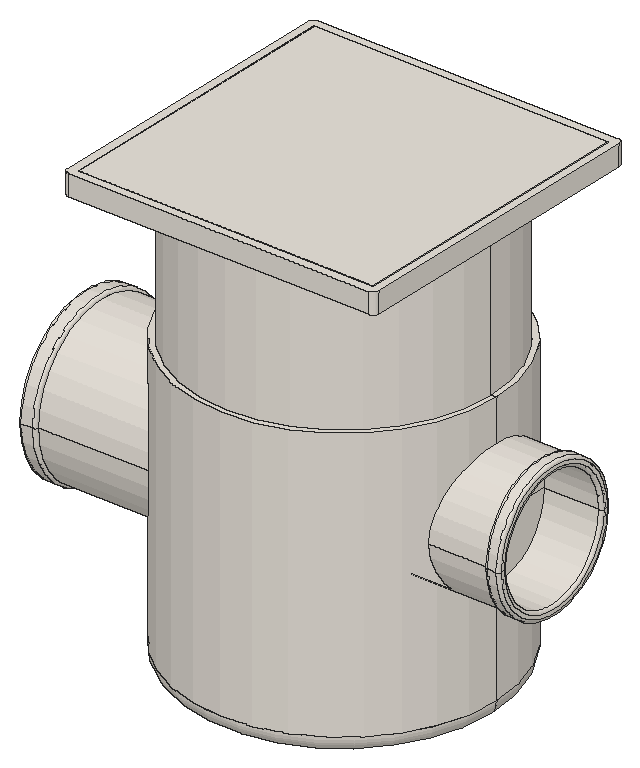
Revit family "Cx_Sif_Quadrada_1E_100x100x50", category Pipe Fittings, Revit 2025 (continued)
Definition of nested family "AmancoWavin_ConexõesdeTubos_EsgotoZNãoUsarAneldeVedação"
  Parameters (values of type "Var.")
    DescriçãoGarantia = "n/a"
    Description = "ANEL"  # constant formula
    Default Elevation = 1219.2 mm
    CriadoPela = "Wavin LATAM"
    CriadoEm = "2020-06-20"
    Country = "BRA"  # constant formula
    Cor = "Preto"
    Conexão 1 [instance] = 50 mm
    Componentes = "n/a"
    Classe = "n/a"
    Catalogue Code 2 [instance] = if(CCB = 90112, "90112", if(CCB = 90113, "90113", if(CCB = 90114, "90114", if(CCB = 90115, "90115", if(CCB = 92825, "92825", if(CCB = 92826, "92826", if(CCB = 92827, "92827", if(CCB = 92828, "92828", "0"))))))))  # "90112"
    Catalogue Code [instance] = if(CCB = 90112, "90112", if(CCB = 90113, "90113", if(CCB = 90114, "90114", if(CCB = 90115, "90115", if(CCB = 92825, "92825", if(CCB = 92826, "92826", if(CCB = 92827, "92827", if(CCB = 92828, "92828", "0"))))))))  # "90112"
    Caracteristicas = "n/a"
    CCB [instance] = size_lookup("Esgoto Anel", "CCB", 0, Conexão 1, Line)  # 90112
    Assembly Code = "D2030100"
    Acabamento = "n/a"
  Reference planes
    plane 1 "Center (Front/Back)": y = 0
    plane 2: z = 0
    plane 3 "Center (Left/Right)": x = -70.496
  Lines and regions (mm)
    model lines
      curve 1: line (-70.496, 0, 0) -> (-70.496, 1, 0)
  Text (mm)
    text "®  Wavin" at (-0.074, 40.744, 0), in view "Ref. Level"
  Dimensions and locks
    aligned and locked: level to plane 2
    aligned and locked: plane 1 "Center (Front/Back)" to curve 1
Definition of nested family "Z_Amanco Esgoto Caixa Sif DN 100 Grelha Quadrada (Nested)"
  Parameters (values of type "Var.")
    product_serie = "Esgoto"
    material 2 = none
    material = none
    Vis Grelha Quadrada Alumínio [instance] = yes
    URL = "https://www.wavin.com/pt-br/Catalogo/Predial/Sistemas-Sanitarios/Grelhas"
    Norma = "NBR 8160/NBR 10844"  # constant formula
    Type IFC Predefined Type = "CONNECTOR"
    Grupo  Amanco [instance] = ""
    Export Type to IFC As = "IfcPipeFitting"
    Type Comments = "Esgoto"  # constant formula
    Solids visible [instance] = yes
    Radius [instance] = 2 mm  # constant formula
    Product Description [instance] = if(CCB = 90591, "GRELHA QUADRADA ALUMÍNIO DN 100", "0")  # "GRELHA QUADRADA ALUMÍNIO DN 100"
    Pid [instance] = CCB  # 90591
    Model = ""
    Manufacturer = "Wavin"  # constant formula
    LOD = "LOD400"  # constant formula
    built-in parameter 1114238 [instance] = (empty or 0)
    IfcExportType = "CONNECTOR"  # constant formula
    IfcExportAs = "IfcPipeFitting"  # constant formula
    IfcDescription = Description  # "GRELHA QUADRADA"
    W [instance] = 107.6 mm
    Ls [instance] = 7 mm  # constant formula
    Grid Size [instance] = W - 6 mm  # 101.6 mm
    Description = "GRELHA QUADRADA"  # constant formula
    Default Elevation = 1219.2 mm
    Country = "BRA"  # constant formula
    Catalogue Code [instance] = if(CCB = 90591, "90591", "0")  # "90591"
    Assembly Code = ""
    CCB [instance] = if(Vis Grelha Quadrada Alumínio, 90591, 0)  # 90591
  Reference planes
    plane 1 "Center (Front/Back)": y = 0
    plane 2: z = 0
    plane 3 "Center (Left/Right)": x = 0
    plane 4: z = -7
    plane 5: z = 0.1
  Forms (mm)
    Extrusion 1, solid, material <- "material 2", visible <- "Vis Grelha Quadrada Alumínio", detail levels fine
      sketch origin (0, 0, 0) x (1, 0, 0) y (0, 1, 0)
        loop
          line (-50.8, 50.8) -> (-50.8, -50.8) -> (50.8, -50.8) -> (50.8, 50.8) -> (-50.8, 50.8)
      from -7 to 0.1
  Lines and regions (mm)
    reference lines
      curve 1: line (0, 0, -7) -> (0, 0, 0)
  Text (mm)
    text "®  Wavin" at (-0.074, 40.744, 0), in view "Ref. Level"
  Dimensions and locks
    "Ls": level to plane 4
    equal spacing: Extrusion 1 sketch curve, plane 3 "Center (Left/Right)", Extrusion 1 sketch curve
    equal spacing: Extrusion 1 sketch curve, plane 1 "Center (Front/Back)", Extrusion 1 sketch curve
    "Grid Size": Extrusion 1 sketch curve to Extrusion 1 sketch curve  (x2)
    aligned and locked: level to plane 2
    aligned and locked: plane 4 to curve 1
    aligned and locked: level to curve 1
    aligned and locked: plane 3 "Center (Left/Right)" to curve 1
